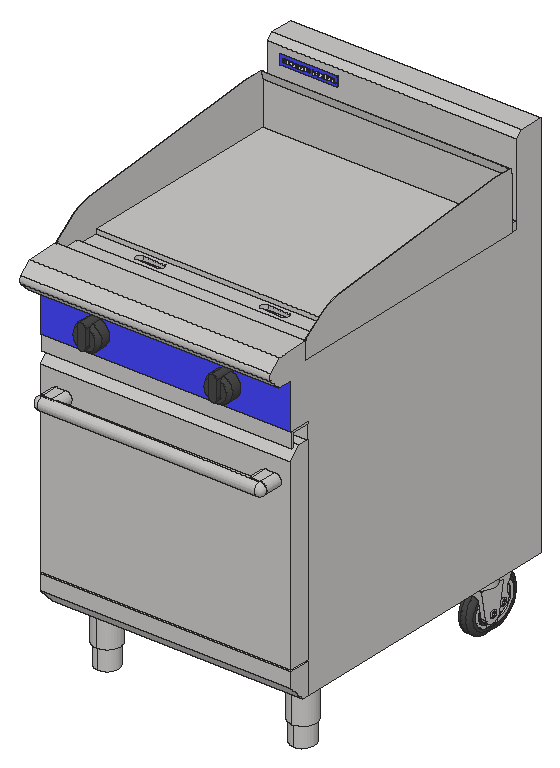
Revit family "QF_MOFFAT_BLUESEAL_CE_G504B", category Specialty Equipment, Revit 2012
Parameters
  Weight in Pounds = 346
  URL Cutsheet = "www.moffat.com"
  URL = "www.moffat.com"
  Type Mark [instance] = ""
  Status [instance] = ""
  Specification by User [instance] = ""
  Specification by Manufacturer = ""
  Show Logo [instance] = yes
  Show Clearance [instance] = yes
  Show Casters [instance] = yes
  Serial Number = ""
  Seismic Rating = ""
  SMACNA No = ""
  Revision Code [instance] = ""
  Omniclass Number and Title = ""
  NAFEM Spec ID Number = ""
  Model = "G504B"
  Mechanical Remarks [instance] = ""
  Mechanical Connection Type [instance] = ""
  Masterspec = ""
  Manufacturer = "MOFFAT BLUESEAL"
  Legs [instance] = not(Show Casters)  # no
  Item Number [instance] = ""
  Installed By [instance] = ""
  Identify Quantity as Lot [instance] = yes
  Gas Size = 3/4"
  Gas RI Height [instance] = 0 mm
  Gas KW = 17.8
  Gas Input [instance] = 60660.0 Btu/h
  Gas Connection Height = 0 mm
  Furnished By [instance] = ""
  Foodservice Equipment Identifier [instance] = yes
  Description = "600MM GAS RANGE WITH STATIC OVEN"
  CSI MasterFormat = ""
  CSI Master Format = ""
Reference planes
  plane 1 "BACK": y = 0
  plane 2: z = 0
  plane 3 "LEFT": x = 0
  plane 4 "RIGHT": x = 600
  plane 5 "FRONT": y = -812
  plane 6 "TOP": z = 970
  plane 7 "Center Y": x = 300
  plane 8 "Center X": y = -406
  plane 9: x = 65
  plane 10: x = 535
  plane 11: y = -100
  plane 12 "Base Height": z = 150
  plane 13: x = 470
  plane 14: z = 1085
Forms (mm)
  Extrusion 1, solid, material "QF_Finishes_Stainless Steel"
    sketch origin (0, 0, 0) x (0, 1, 0) y (0, 0, 1)
      loop
        line (-784.97, 850) -> (-749, 850) -> (-749, 740) -> (-699, 740) -> (-699, 150) -> (0, 150) -> (0, 1085) -> (-57.5, 1085) -> (-70, 1072.5) -> (-70, 875) -> (-705, 875) -> (-705, 915) -> (-783.97, 915) -> (-808.525, 890.445)
        arc (-808.525, 890.445) -> (-812.023, 882) -> (-808.525, 873.555) r 11.943
        line (-808.525, 873.555) -> (-784.97, 850)
    from 0 to 600
  Extrusion 2, solid, material "QF_Finishes_Stainless Steel"
    sketch origin (405.062, 3, 100) x (1, 0, 0) y (0, 1, 0)
      loop
        circle (65, -35) r 13.5
    from 555 to 640
  Revolve 3, solid, material "QF_Finishes_Stainless Steel"
    sketch origin (65, -735, 0) x (0, 1, 0) y (0, 0, 1)
      loop
        line (71.25, 150) -> (71.25, 50) -> (75.5, 50) -> (75.5, 0) -> (103, 0) -> (103, 150) -> (71.25, 150)
      axis (103, 150) -> (103, 0)
    angle from 0 to 360
  Revolve 4, solid, material "QF_Finishes_Stainless Steel"
    sketch origin (535, -735, 0) x (0, 1, 0) y (0, 0, -1)
      loop
        line (71.25, -150) -> (103, -150) -> (103, 0) -> (75.5, 0) -> (75.5, -50) -> (71.25, -50) -> (71.25, -150)
      axis (103, -150) -> (103, 0)
    angle from 0 to 360
  Revolve 5, solid, material "QF_Finishes_Black"
    sketch origin (138.75, 7, 759.75) x (0, -1, 0) y (0, 0, 1)
      loop
        line (789, 69.605) -> (766, 69.605) -> (766, 42.105) -> (756, 42.105) -> (756, 37.105) -> (800, 37.105) -> (800, 63.757) -> (789, 69.605)
      axis (800, 37.105) -> (756, 37.105)
    angle from 0 to 360
  Extrusion 6, solid, material "QF_Finishes_Black"
    sketch origin (0.319, 7, 655.753) x (1, 0, 0) y (0, 0, 1)
      loop
        line (148.431, 129) -> (148.431, 167.997)
        arc (148.431, 167.997) -> (138.431, 177.997) -> (128.431, 167.997) r 10
        line (128.431, 167.997) -> (128.431, 129)
        arc (128.431, 129) -> (138.431, 119) -> (148.431, 129) r 10
    from 759 to 808
  Revolve 7, solid, material "QF_Finishes_Black"
    sketch origin (453.749, 7, 759.623) x (0, 1, 0) y (0, 0, -1)
      loop
        line (-789, -69.5) -> (-766, -69.5) -> (-766, -42) -> (-756, -42) -> (-756, -37) -> (-800, -37) -> (-800, -63.651) -> (-789, -69.5)
      axis (-800, -37) -> (-756, -37)
    angle from 0 to 360
  Extrusion 8, solid, material "QF_Finishes_Black"
    sketch origin (592.019, 7, 759.781) x (-1, 0, 0) y (0, 0, -1)
      loop
        arc (148.269, -24.969) -> (138.269, -14.969) -> (128.269, -24.969) r 10
        line (128.269, -24.969) -> (128.269, -63.969)
        arc (128.269, -63.969) -> (138.269, -73.969) -> (148.269, -63.969) r 10
        line (148.269, -63.969) -> (148.269, -24.969)
    from 759 to 808
  Extrusion 9, solid, material "QF_Door-Drawer Clearances", visible <- "Show Clearance", detail levels coarse
    sketch origin (0, 7, 0) x (0, -1, 0) y (0, 0, 1)
      loop
        line (756, 690.016) -> (756, 227.5) -> (1218.516, 227.5)
        arc (1218.516, 227.5) -> (1083.048, 554.548) -> (756, 690.016) r 462.516
    from 0 to -600
  Extrusion 10, void
    sketch origin (0, 0, 150) x (-1, 0, 0) y (0, -1, 0)
      loop
        line (-531.028, 89.21) -> (-531.028, -28.29) -> (-401.528, -28.29) -> (-401.528, 40.71) -> (-450.028, 89.21) -> (-531.028, 89.21)
    from 72.5 to 590
  Extrusion 11, solid, material "QF_Finishes_Stainless Steel"
    sketch origin (0, -749, 227.5) x (0, 0, 1) y (-1, 0, 0)
      loop
        line (380.625, -38.246) -> (380.625, -58.528)
        arc (380.625, -58.528) -> (395.625, -73.528) -> (410.625, -58.528) r 15
        line (410.625, -58.528) -> (410.625, -38.246)
        arc (410.625, -38.246) -> (395.625, -23.246) -> (380.625, -38.246) r 15
      loop
        arc (380.625, -560.539) -> (395.625, -575.539) -> (410.625, -560.539) r 15
        line (410.625, -560.539) -> (410.625, -540.257)
        arc (410.625, -540.257) -> (395.625, -525.257) -> (380.625, -540.257) r 15
        line (380.625, -540.257) -> (380.625, -560.539)
    from 0 to 44
  Revolve 12, solid, material "QF_Finishes_Stainless Steel"
    sketch origin (0, -793, 0) x (1, 0, 0) y (0, 0, 1)
      loop
        arc (575.539, 623.125) -> (571.146, 633.732) -> (560.539, 638.125) r 15
        line (560.539, 638.125) -> (38.246, 638.125)
        arc (38.246, 638.125) -> (27.64, 633.732) -> (23.246, 623.125) r 15
        line (23.246, 623.125) -> (575.539, 623.125)
      axis (575.539, 623.125) -> (23.246, 623.125)
    angle from 0 to 360
  Extrusion 13, solid, material "QF_Finishes_Stainless Steel"
    sketch origin (0, 9, 0) x (0, 1, 0) y (0, 0, 1)
      loop
        line (-708, 227.5) -> (-708, 700) -> (-734, 700) -> (-758, 676) -> (-758, 227.5) -> (-708, 227.5)
    from 0 to 600
  Extrusion 14, solid, material "QF_Finishes_Stainless Steel"
    sketch origin (0, 9, 0) x (0, 1, 0) y (0, 0, 1)
      loop
        line (-756, 738) -> (-756, 703) -> (-752.98, 703) -> (-752.98, 735) -> (-708, 735) -> (-708, 738) -> (-756, 738)
    from 0 to 600
  Extrusion 15, solid, material "QF_Finishes_Stainless Steel"
    sketch origin (0, 9, 0) x (0, 1, 0) y (0, 0, 1)
      loop
        line (-708, 222.5) -> (-758, 222.5) -> (-758, 186) -> (-722, 150) -> (-708, 150) -> (-708, 222.5)
    from 0 to 600
  Extrusion 16, solid, material "QF_Finishes_Stainless Steel", visible <- "Show Casters"
    sketch origin (71.501, 133.353, -8.783) x (0, 1, 0) y (0, 0, 1)
      loop
        line (-201.603, 118.783) -> (-265.103, 118.783) -> (-252.746, 53.895)
        arc (-252.746, 53.895) -> (-233.353, 38.783) -> (-213.959, 53.895) r 20
        line (-213.959, 53.895) -> (-201.603, 118.783)
    from -35.667 to 22.923
  Revolve 17, solid, material "QF_Finishes_Stainless Steel", visible <- "Show Casters"
    sketch origin (65, -203, 0) x (0, 1, 0) y (0, 0, 1)
      loop
        line (67.25, 150) -> (67.25, 110) -> (103, 110) -> (103, 150) -> (67.25, 150)
      axis (103, 150) -> (103, 110)
    angle from 0 to 360
  Revolve 18, solid, material "QF_Finishes_Stainless Steel", visible <- "Show Casters"
    sketch origin (535, -203, 0) x (0, 1, 0) y (0, 0, -1)
      loop
        line (67.25, -150) -> (103, -150) -> (103, -110) -> (67.25, -110) -> (67.25, -150)
      axis (103, -150) -> (103, -110)
    angle from 0 to 360
  Revolve 19, solid, material "QF_Finishes_Stainless Steel", visible <- "Show Casters"
    sketch origin (485.776, -99.755, -13.653) x (1, 0, 0) y (0, 0, 1)
      loop
        line (14.841, 64.453) -> (83.584, 64.453) -> (83.584, 67.958) -> (82.314, 69.228) -> (80.79, 69.228) -> (80.79, 72.674) -> (68.644, 72.674) -> (68.644, 82.639) -> (65.088, 84.692) -> (63.738, 93.028) -> (65.881, 93.028) -> (65.881, 99.378) -> (65.088, 99.378) -> (65.088, 105.728)
        arc (65.088, 105.728) -> (62.298, 112.463) -> (55.563, 115.253) r 9.525
        line (55.563, 115.253) -> (42.863, 115.253)
        arc (42.863, 115.253) -> (36.127, 112.463) -> (33.338, 105.728) r 9.525
        line (33.338, 105.728) -> (33.338, 99.378) -> (32.544, 99.378) -> (32.544, 93.028) -> (34.687, 93.028) -> (33.352, 84.781) -> (29.782, 82.719) -> (29.782, 72.674) -> (17.635, 72.674) -> (17.635, 69.228) -> (16.111, 69.228) -> (14.841, 67.958) -> (14.841, 64.453)
      axis (14.841, 64.453) -> (83.584, 64.453)
    angle from 0 to 360
  Extrusion 20, solid, material "QF_Finishes_Stainless Steel", visible <- "Show Casters"
    sketch origin (541.501, 133.353, -8.783) x (0, 1, 0) y (0, 0, 1)
      loop
        line (-201.603, 118.783) -> (-265.103, 118.783) -> (-252.746, 53.895)
        arc (-252.746, 53.895) -> (-233.353, 38.783) -> (-213.959, 53.895) r 20
        line (-213.959, 53.895) -> (-201.603, 118.783)
    from -35.667 to 22.923
  Revolve 21, solid, material "QF_Finishes_Stainless Steel", visible <- "Legs"
    sketch origin (65, -165, 0) x (0, 1, 0) y (0, 0, 1)
      loop
        line (33.25, 150) -> (33.25, 50) -> (37.5, 50) -> (37.5, 0) -> (65, 0) -> (65, 150) -> (33.25, 150)
      axis (65, 150) -> (65, 0)
    angle from 0 to 360
  Revolve 22, solid, material "QF_Finishes_Stainless Steel", visible <- "Legs"
    sketch origin (535, -165, 0) x (0, 1, 0) y (0, 0, -1)
      loop
        line (33.25, -150) -> (65, -150) -> (65, 0) -> (37.5, 0) -> (37.5, -50) -> (33.25, -50) -> (33.25, -150)
      axis (65, -150) -> (65, 0)
    angle from 0 to 360
  Revolve 23, solid, material "QF_Finishes_Stainless Steel", visible <- "Show Casters"
    sketch origin (114.224, -99.755, -13.653) x (-1, 0, 0) y (0, 0, -1)
      loop
        line (14.841, -64.453) -> (14.841, -67.958) -> (16.111, -69.228) -> (17.635, -69.228) -> (17.635, -72.674) -> (29.782, -72.674) -> (29.782, -82.719) -> (33.352, -84.781) -> (34.687, -93.028) -> (32.544, -93.028) -> (32.544, -99.378) -> (33.338, -99.378) -> (33.338, -105.728)
        arc (33.338, -105.728) -> (36.127, -112.463) -> (42.863, -115.253) r 9.525
        line (42.863, -115.253) -> (55.563, -115.253)
        arc (55.563, -115.253) -> (62.298, -112.463) -> (65.088, -105.728) r 9.525
        line (65.088, -105.728) -> (65.088, -99.378) -> (65.881, -99.378) -> (65.881, -93.028) -> (63.738, -93.028) -> (65.088, -84.692) -> (68.644, -82.639) -> (68.644, -72.674) -> (80.79, -72.674) -> (80.79, -69.228) -> (82.314, -69.228) -> (83.584, -67.958) -> (83.584, -64.453) -> (14.841, -64.453)
      axis (14.841, -64.453) -> (83.584, -64.453)
    angle from 0 to 360
Cuts and joins
  Extrusion 10 cuts Extrusion 1
Lines and regions (mm)
  Split face 1
    outline origin (600, 0, 1085) x (-1, 0, 0) y (0, -1, 0)
      loop
        arc (335.206, 45.385) -> (326.545, 40.385) -> (326.545, 30.385) r 10
        line (326.545, 30.385) -> (330.587, 23.385)
        arc (330.587, 23.385) -> (334.247, 19.725) -> (339.247, 18.385) r 10
        line (339.247, 18.385) -> (567.206, 18.385)
        arc (567.206, 18.385) -> (575.866, 23.385) -> (575.866, 33.385) r 10
        line (575.866, 33.385) -> (571.824, 40.385)
        arc (571.824, 40.385) -> (568.164, 44.045) -> (563.164, 45.385) r 10
        line (563.164, 45.385) -> (335.206, 45.385)
  Split face 2
    outline origin (600, 0, 1085) x (-1, 0, 0) y (0, -1, 0)
      loop
        arc (35.206, 45.385) -> (26.545, 40.385) -> (26.545, 30.385) r 10
        line (26.545, 30.385) -> (30.587, 23.385)
        arc (30.587, 23.385) -> (34.247, 19.725) -> (39.247, 18.385) r 10
        line (39.247, 18.385) -> (267.206, 18.385)
        arc (267.206, 18.385) -> (275.866, 23.385) -> (275.866, 33.385) r 10
        line (275.866, 33.385) -> (271.824, 40.385)
        arc (271.824, 40.385) -> (268.164, 44.045) -> (263.164, 45.385) r 10
        line (263.164, 45.385) -> (35.206, 45.385)
  symbolic lines
    curve 1: line (0, 0, 0) -> (0, -812, 0)
    curve 2: line (600, 0, 0) -> (0, 0, 0)
    curve 3: line (600, -812, 0) -> (600, 0, 0)
    curve 4: line (0, -812, 0) -> (600, -812, 0)
    curve 5: line (600, -705, 0) -> (0, -705, 0)
    curve 6: line (0, -70, 0) -> (600, -70, 0)
    curve 7: line (0, 0, 0) -> (0, -812, 0)
    curve 8: line (600, 0, 0) -> (0, 0, 0)
    curve 9: line (600, -812, 0) -> (600, 0, 0)
    curve 13: line (32.794, -18.385, 150) -> (260.753, -18.385, 150)
    curve 14: arc (260.753, -18.385, 150) -> (265.753, -19.725, 150) -> (269.413, -23.385, 150) r 10
    curve 15: line (269.413, -23.385, 150) -> (273.455, -30.385, 150)
    curve 16: arc (273.455, -30.385, 150) -> (273.455, -40.385, 150) -> (264.794, -45.385, 150) r 10
    curve 17: line (264.794, -45.385, 150) -> (36.836, -45.385, 150)
    curve 18: arc (36.836, -45.385, 150) -> (31.836, -44.045, 150) -> (28.176, -40.385, 150) r 10
    curve 19: line (28.176, -40.385, 150) -> (24.134, -33.385, 150)
    curve 20: arc (24.134, -33.385, 150) -> (24.134, -23.385, 150) -> (32.794, -18.385, 150) r 10
    curve 21: line (560.753, -18.385, 150) -> (332.794, -18.385, 150)
    curve 22: arc (332.794, -18.385, 150) -> (324.134, -23.385, 150) -> (324.134, -33.385, 150) r 10
    curve 23: line (324.134, -33.385, 150) -> (328.176, -40.385, 150)
    curve 24: arc (328.176, -40.385, 150) -> (331.836, -44.045, 150) -> (336.836, -45.385, 150) r 10
    curve 25: line (336.836, -45.385, 150) -> (564.794, -45.385, 150)
    curve 26: arc (564.794, -45.385, 150) -> (573.455, -40.385, 150) -> (573.455, -30.385, 150) r 10
    curve 27: line (573.455, -30.385, 150) -> (569.413, -23.385, 150)
    curve 28: arc (569.413, -23.385, 150) -> (565.753, -19.725, 150) -> (560.753, -18.385, 150) r 10
    curve 29: line (0, -57.5, 150) -> (600, -57.5, 150)
    curve 30: line (0, -783.97, 150) -> (600, -783.97, 150)
  symbolic lines, style "QF_Door-Drawer Clearances", visible <- "Show Clearance"
    curve 10: line (0, -812, 0) -> (0, -1211.516, 0)
    curve 11: line (0, -1211.516, 0) -> (600, -1211.516, 0)
    curve 12: line (600, -1211.516, 0) -> (600, -812, 0)
Dimensions and locks
  equal spacing: plane 3 "LEFT", plane 7 "Center Y", plane 4 "RIGHT"
  plane 3 "LEFT" to plane 4 "RIGHT" = 600 mm
  equal spacing: plane 5 "FRONT", plane 8 "Center X", plane 1 "BACK"
  plane 5 "FRONT" to plane 1 "BACK" = 812 mm  (x2)
  equal spacing: plane 4 "RIGHT", plane 7 "Center Y", plane 3 "LEFT"
  plane 4 "RIGHT" to plane 3 "LEFT" = 600 mm
  plane 6 "TOP" to level = 970 mm  (x2)
  Extrusion 2 to level = 655 mm
  Extrusion 2 to plane 1 "BACK" = 32 mm
  Extrusion 1 to level = 915 mm
  plane 12 "Base Height" to level = 150 mm
  plane 6 "TOP" to plane 2 = 970 mm
  locked: plane 2 to Extrusion 1 sketch curve at 875
  locked: plane 2 to Extrusion 1 sketch curve at 915
  Revolve 19 sketch curve to Revolve 19 sketch curve = 50.8 mm
  Revolve 23 sketch curve to Revolve 23 sketch curve = 50.8 mm
  plane 14 to level = 1085 mm
  aligned and locked: level to plane 2
  aligned and locked: curve 3 to plane 4 "RIGHT"
Automatic sketch dimensions
  plane 13 to Extrusion 2 sketch curve = 0.062 mm
  plane 1 "BACK" to Extrusion 2 sketch curve = 32 mm
  Revolve 3 sketch curve to plane 12 "Base Height" = 0 mm
  Revolve 3 sketch curve to level = 0 mm
  level to Revolve 3 sketch curve = 50 mm
  Revolve 3 sketch curve to plane 5 "FRONT" = 148.25 mm
  Revolve 3 sketch curve to Revolve 3 sketch curve = 4.25 mm
  Revolve 3 sketch curve to Revolve 3 sketch curve = 27.5 mm  (x2)
  Revolve 3 sketch curve to Revolve 3 sketch curve = 55 mm
  Revolve 3 sketch curve to Revolve 3 sketch curve = 0 mm
  Revolve 4 sketch curve to plane 12 "Base Height" = 0 mm
  Revolve 4 sketch curve to level = 0 mm
  level to Revolve 4 sketch curve = 50 mm
  Revolve 4 sketch curve to plane 5 "FRONT" = 148.25 mm
  Revolve 4 sketch curve to Revolve 4 sketch curve = 4.25 mm
  Revolve 4 sketch curve to Revolve 4 sketch curve = 27.5 mm  (x2)
  Revolve 4 sketch curve to Revolve 4 sketch curve = 0 mm
  Revolve 4 sketch curve to Revolve 4 sketch curve = 55 mm
  Revolve 5 sketch curve to plane 5 "FRONT" = 63 mm
  Revolve 5 sketch curve to Revolve 5 sketch curve = 10 mm
  Revolve 5 sketch curve to Revolve 5 sketch curve = 21.3 mm
  Revolve 5 sketch curve to Revolve 5 sketch curve = 23 mm
  Revolve 5 sketch curve to plane 5 "FRONT" = 19 mm
  Revolve 5 sketch curve to Revolve 5 sketch curve = 0 mm  (x2)
  Revolve 5 sketch curve to plane 6 "TOP" = 173.145 mm
  Revolve 5 sketch curve to Revolve 5 sketch curve = 5 mm
  Revolve 5 sketch curve to Revolve 5 sketch curve = 26.651 mm
  Revolve 5 sketch curve to Revolve 5 sketch curve = 5.849 mm
  Extrusion 6 sketch curve to plane 7 "Center Y" = 171.25 mm
  Extrusion 6 sketch curve to Extrusion 6 sketch curve = 10 mm
  Extrusion 6 sketch curve to plane 6 "TOP" = 185.247 mm
  Extrusion 6 sketch curve to Extrusion 6 sketch curve = 38.997 mm
  Revolve 7 sketch curve to plane 5 "FRONT" = 19 mm
  Revolve 7 sketch curve to Revolve 7 sketch curve = 0 mm  (x2)
  Revolve 7 sketch curve to Revolve 7 sketch curve = 11 mm
  Revolve 7 sketch curve to Revolve 7 sketch curve = 12.7 mm
  Revolve 7 sketch curve to Revolve 7 sketch curve = 23 mm
  Revolve 7 sketch curve to Revolve 7 sketch curve = 10 mm
  Revolve 7 sketch curve to plane 6 "TOP" = 140.877 mm
  Revolve 7 sketch curve to Revolve 7 sketch curve = 5.849 mm
  Revolve 7 sketch curve to Revolve 7 sketch curve = 27.5 mm
  Revolve 7 sketch curve to Revolve 7 sketch curve = 5 mm
  Extrusion 8 sketch curve to plane 13 = 6.25 mm
  Extrusion 8 sketch curve to Extrusion 8 sketch curve = 10 mm
  Extrusion 8 sketch curve to plane 6 "TOP" = 146.25 mm
  Extrusion 8 sketch curve to Extrusion 8 sketch curve = 39 mm
  Extrusion 9 sketch curve to plane 5 "FRONT" = 63 mm
  plane 12 "Base Height" to Extrusion 9 sketch curve = 77.5 mm
  plane 5 "FRONT" to Extrusion 9 sketch curve = 399.516 mm
  plane 10 to Extrusion 10 sketch curve = 3.972 mm
  Extrusion 10 sketch curve to plane 13 = 19.972 mm
  Extrusion 10 sketch curve to plane 13 = 68.472 mm
  Extrusion 10 sketch curve to plane 1 "BACK" = 28.29 mm
  plane 1 "BACK" to Extrusion 10 sketch curve = 40.71 mm
  plane 11 to Extrusion 10 sketch curve = 10.79 mm
  Extrusion 11 sketch curve to plane 9 = 6.472 mm
  Extrusion 11 sketch curve to plane 6 "TOP" = 361.875 mm  (x2)
  Extrusion 11 sketch curve to plane 10 = 5.257 mm
  Extrusion 11 sketch curve to Extrusion 11 sketch curve = 15 mm  (x2)
  Extrusion 11 sketch curve to Extrusion 11 sketch curve = 20.282 mm  (x2)
  Revolve 12 sketch curve to plane 3 "LEFT" = 6.961 mm
  plane 3 "LEFT" to Revolve 12 sketch curve = 23.246 mm
  Revolve 12 sketch curve to Revolve 12 sketch curve = 15 mm
  Revolve 12 sketch curve to plane 10 = 25.539 mm
  plane 4 "RIGHT" to Revolve 12 sketch curve = 11.961 mm
  Revolve 12 sketch curve to plane 6 "TOP" = 346.875 mm
  Revolve 12 sketch curve to Revolve 12 sketch curve = 0 mm
  Extrusion 14 sketch curve to plane 5 "FRONT" = 65 mm
  Extrusion 14 sketch curve to Extrusion 14 sketch curve = 3.02 mm
  Extrusion 14 sketch curve to Extrusion 14 sketch curve = 44.98 mm
  Extrusion 14 sketch curve to plane 6 "TOP" = 267 mm
  Extrusion 14 sketch curve to Extrusion 14 sketch curve = 32 mm
  Extrusion 14 sketch curve to Extrusion 14 sketch curve = 3 mm
  Extrusion 15 sketch curve to plane 12 "Base Height" = 0 mm
  Extrusion 15 sketch curve to plane 5 "FRONT" = 63 mm
  plane 12 "Base Height" to Extrusion 13 sketch curve = 77.5 mm
  Extrusion 16 sketch curve to plane 11 = 0 mm
  Extrusion 16 sketch curve to plane 11 = 19.393 mm
  Extrusion 16 sketch curve to plane 11 = 31.75 mm
  plane 11 to Extrusion 16 sketch curve = 19.393 mm
  plane 11 to Extrusion 16 sketch curve = 31.75 mm
  level to Extrusion 16 sketch curve = 45.111 mm
  Extrusion 16 sketch curve to Extrusion 16 sketch curve = 4.889 mm
  Extrusion 16 sketch curve to plane 12 "Base Height" = 40 mm
  Revolve 17 sketch curve to plane 12 "Base Height" = 0 mm
  Revolve 17 sketch curve to plane 11 = 0 mm  (x2)
  Revolve 17 sketch curve to Revolve 17 sketch curve = 35.75 mm
  Revolve 17 sketch curve to plane 12 "Base Height" = 40 mm
  level to Revolve 17 sketch curve = 50 mm
  Revolve 17 sketch curve to level = 55 mm
  Revolve 18 sketch curve to plane 12 "Base Height" = 0 mm
  Revolve 18 sketch curve to plane 11 = 0 mm  (x2)
  Revolve 18 sketch curve to plane 11 = 35.75 mm
  Revolve 18 sketch curve to plane 12 "Base Height" = 40 mm
  level to Revolve 18 sketch curve = 50 mm
  Revolve 18 sketch curve to level = 55 mm
  level to Revolve 19 sketch curve = 50.8 mm
  plane 4 "RIGHT" to Revolve 19 sketch curve = 99.382 mm
  Revolve 19 sketch curve to Revolve 19 sketch curve = 1.27 mm  (x4)
  Revolve 19 sketch curve to Revolve 19 sketch curve = 1.524 mm  (x2)
  Revolve 19 sketch curve to Revolve 19 sketch curve = 12.146 mm  (x2)
  Revolve 19 sketch curve to Revolve 19 sketch curve = 2.762 mm
  Revolve 19 sketch curve to Revolve 19 sketch curve = 0.794 mm  (x2)
  level to Revolve 19 sketch curve = 71.128 mm
  Revolve 19 sketch curve to Revolve 19 sketch curve = 3.57 mm
  Revolve 19 sketch curve to plane 12 "Base Height" = 70.625 mm  (x2)
  Revolve 19 sketch curve to Revolve 19 sketch curve = 2.143 mm
  Revolve 19 sketch curve to Revolve 19 sketch curve = 9.525 mm
  Revolve 19 sketch curve to Revolve 19 sketch curve = 24.572 mm
  Revolve 19 sketch curve to Revolve 19 sketch curve = 12.7 mm
  Revolve 19 sketch curve to Revolve 19 sketch curve = 8.176 mm
  Revolve 19 sketch curve to Revolve 19 sketch curve = 1.349 mm  (x2)
  level to Revolve 19 sketch curve = 71.039 mm
  Revolve 19 sketch curve to Revolve 19 sketch curve = 3.556 mm
  level to Revolve 19 sketch curve = 55.575 mm
  Revolve 19 sketch curve to Revolve 19 sketch curve = 33.32 mm
  Revolve 19 sketch curve to Revolve 19 sketch curve = 20.239 mm
  Revolve 19 sketch curve to Revolve 19 sketch curve = 3.505 mm
  Revolve 19 sketch curve to Revolve 19 sketch curve = 3.447 mm  (x2)
  Revolve 19 sketch curve to Revolve 19 sketch curve = 2.053 mm
  Revolve 19 sketch curve to Revolve 19 sketch curve = 2.061 mm
  Revolve 19 sketch curve to Revolve 19 sketch curve = 6.35 mm  (x2)
  Extrusion 20 sketch curve to plane 11 = 0 mm
  Extrusion 20 sketch curve to plane 11 = 19.393 mm
  Extrusion 20 sketch curve to plane 11 = 31.75 mm
  plane 11 to Extrusion 20 sketch curve = 19.393 mm
  plane 11 to Extrusion 20 sketch curve = 31.75 mm
  level to Extrusion 20 sketch curve = 45.111 mm
  Extrusion 20 sketch curve to Extrusion 20 sketch curve = 4.889 mm
  Extrusion 20 sketch curve to plane 12 "Base Height" = 40 mm
  Revolve 21 sketch curve to plane 12 "Base Height" = 0 mm
  Revolve 21 sketch curve to level = 0 mm
  Revolve 21 sketch curve to plane 11 = 0 mm  (x2)
  Revolve 21 sketch curve to Revolve 21 sketch curve = 27.5 mm
  Revolve 21 sketch curve to Revolve 21 sketch curve = 31.75 mm
  Revolve 21 sketch curve to level = 55 mm
  Revolve 21 sketch curve to Revolve 21 sketch curve = 50 mm
  Revolve 21 sketch curve to Revolve 21 sketch curve = 0 mm
  Revolve 22 sketch curve to plane 12 "Base Height" = 0 mm
  Revolve 22 sketch curve to level = 0 mm
  Revolve 22 sketch curve to plane 11 = 0 mm  (x2)
  Revolve 22 sketch curve to Revolve 22 sketch curve = 27.5 mm
  Revolve 22 sketch curve to Revolve 22 sketch curve = 31.75 mm
  level to Revolve 22 sketch curve = 50 mm
  Revolve 22 sketch curve to Revolve 22 sketch curve = 0 mm
  Revolve 22 sketch curve to Revolve 22 sketch curve = 55 mm
  plane 9 to Revolve 23 sketch curve = 34.382 mm
  Revolve 23 sketch curve to Revolve 23 sketch curve = 1.27 mm  (x4)
  Revolve 23 sketch curve to Revolve 23 sketch curve = 1.524 mm  (x2)
  Revolve 23 sketch curve to Revolve 23 sketch curve = 12.146 mm  (x2)
  plane 9 to Revolve 23 sketch curve = 16.68 mm
  Revolve 23 sketch curve to Revolve 23 sketch curve = 0.794 mm  (x2)
  Revolve 23 sketch curve to Revolve 23 sketch curve = 3.57 mm
  Revolve 23 sketch curve to Revolve 23 sketch curve = 2.143 mm
  plane 9 to Revolve 23 sketch curve = 6.361 mm
  Revolve 23 sketch curve to plane 9 = 5.13 mm
  Revolve 23 sketch curve to plane 9 = 6.339 mm
  Revolve 23 sketch curve to plane 9 = 14.515 mm
  Revolve 23 sketch curve to Revolve 23 sketch curve = 1.349 mm  (x2)
  Revolve 23 sketch curve to Revolve 23 sketch curve = 3.556 mm
  Revolve 23 sketch curve to plane 3 "LEFT" = 2.68 mm
  Revolve 23 sketch curve to plane 12 "Base Height" = 48.4 mm
  Revolve 23 sketch curve to Revolve 23 sketch curve = 6.35 mm  (x4)
  Revolve 23 sketch curve to Revolve 23 sketch curve = 8.247 mm
  Revolve 23 sketch curve to Revolve 23 sketch curve = 8.336 mm
  Revolve 23 sketch curve to Revolve 23 sketch curve = 2.061 mm
  Revolve 23 sketch curve to Revolve 23 sketch curve = 2.053 mm
  Revolve 23 sketch curve to Revolve 23 sketch curve = 10.045 mm
  Revolve 23 sketch curve to Revolve 23 sketch curve = 9.964 mm
  Revolve 23 sketch curve to Revolve 23 sketch curve = 3.447 mm  (x2)
  Revolve 23 sketch curve to Revolve 23 sketch curve = 3.505 mm
  Extrusion 1 sketch curve to plane 5 "FRONT" = 27.03 mm
  Extrusion 1 sketch curve to plane 12 "Base Height" = 0 mm
  Extrusion 1 sketch curve to plane 14 = 0 mm
  Extrusion 1 sketch curve to plane 1 "BACK" = 0 mm
  Extrusion 1 sketch curve to plane 5 "FRONT" = 3.475 mm  (x2)
  Extrusion 1 sketch curve to plane 5 "FRONT" = 11.921 mm
  Extrusion 1 sketch curve to plane 5 "FRONT" = 28.03 mm
  Extrusion 1 sketch curve to plane 5 "FRONT" = 63 mm
  Extrusion 1 sketch curve to Extrusion 1 sketch curve = 44 mm
  Extrusion 1 sketch curve to plane 5 "FRONT" = 113 mm
  plane 11 to Extrusion 1 sketch curve = 30 mm
  Extrusion 1 sketch curve to Extrusion 1 sketch curve = 12.5 mm
  Extrusion 1 sketch curve to Extrusion 1 sketch curve = 135 mm
  Extrusion 1 sketch curve to Extrusion 1 sketch curve = 25 mm
  Extrusion 1 sketch curve to Extrusion 1 sketch curve = 23.555 mm
  Extrusion 1 sketch curve to Extrusion 1 sketch curve = 8.445 mm
  Extrusion 1 sketch curve to plane 14 = 12.5 mm
  Extrusion 15 sketch curve to Extrusion 15 sketch curve = 36 mm
  Extrusion 15 sketch curve to Extrusion 15 sketch curve = 50 mm
  plane 12 "Base Height" to Extrusion 15 sketch curve = 36 mm
  Extrusion 15 sketch curve to Extrusion 15 sketch curve = 36.5 mm
  Extrusion 13 sketch curve to plane 5 "FRONT" = 63 mm
  Extrusion 13 sketch curve to Extrusion 13 sketch curve = 24 mm  (x2)
  Extrusion 13 sketch curve to Extrusion 13 sketch curve = 26 mm
  Extrusion 13 sketch curve to plane 6 "TOP" = 294 mm
  Split face 1 sketch curve to cut or joined group of Extrusion 1, Extrusion 10 = 27.115 mm
  Split face 1 sketch curve to cut or joined group of Extrusion 1, Extrusion 10 = 326.545 mm
  Split face 1 sketch curve to cut or joined group of Extrusion 1, Extrusion 10 = 23.385 mm
  Split face 1 sketch curve to Split face 1 sketch curve = 4.041 mm  (x4)
  Split face 1 sketch curve to Split face 1 sketch curve = 8.66 mm  (x2)
  Split face 1 sketch curve to cut or joined group of Extrusion 1, Extrusion 10 = 22.115 mm
  Split face 1 sketch curve to Split face 1 sketch curve = 223.917 mm
  Split face 1 sketch curve to cut or joined group of Extrusion 1, Extrusion 10 = 17.115 mm
  Split face 1 sketch curve to Split face 1 sketch curve = 17 mm
  Split face 1 sketch curve to Split face 1 sketch curve = 7 mm
  Split face 2 sketch curve to cut or joined group of Extrusion 1, Extrusion 10 = 27.115 mm
  Split face 2 sketch curve to cut or joined group of Extrusion 1, Extrusion 10 = 26.545 mm
  Split face 2 sketch curve to cut or joined group of Extrusion 1, Extrusion 10 = 23.385 mm
  Split face 2 sketch curve to Split face 2 sketch curve = 4.041 mm  (x4)
  Split face 2 sketch curve to Split face 2 sketch curve = 8.66 mm  (x2)
  Split face 2 sketch curve to cut or joined group of Extrusion 1, Extrusion 10 = 22.115 mm
  Split face 2 sketch curve to Split face 2 sketch curve = 223.917 mm
  Split face 2 sketch curve to cut or joined group of Extrusion 1, Extrusion 10 = 17.115 mm
  Split face 2 sketch curve to Split face 2 sketch curve = 17 mm
  Split face 2 sketch curve to Split face 2 sketch curve = 7 mm
  curve 15 to plane 7 "Center Y" = 26.545 mm
  curve 15 to curve 15 = 4.041 mm
  curve 15 to curve 16 = 8.66 mm
  curve 16 to curve 14 = 4.041 mm
  curve 17 to plane 9 = 28.164 mm
  curve 18 to curve 13 = 4.041 mm
  curve 17 to curve 18 = 8.66 mm
  curve 19 to curve 20 = 4.041 mm
  plane 1 "BACK" to curve 17 = 45.385 mm
  curve 19 to curve 17 = 5 mm
  curve 16 to curve 17 = 10 mm
  curve 20 to curve 19 = 7 mm
  curve 20 to curve 18 = 7 mm
  curve 14 to curve 16 = 7 mm
  curve 21 to plane 10 = 25.753 mm
  curve 25 to curve 28 = 4.041 mm
  curve 28 to curve 28 = 8.66 mm
  curve 26 to curve 28 = 4.041 mm
  plane 7 "Center Y" to curve 25 = 36.836 mm
  curve 24 to curve 21 = 4.041 mm
  curve 25 to curve 24 = 8.66 mm
  curve 23 to curve 23 = 4.041 mm
  plane 1 "BACK" to curve 28 = 18.385 mm
  curve 28 to curve 28 = 5 mm
  curve 21 to curve 22 = 10 mm
  curve 28 to curve 27 = 7 mm
  curve 28 to curve 26 = 7 mm
  curve 22 to curve 24 = 7 mm
  plane 1 "BACK" to curve 1 = 0 mm
  curve 1 to plane 3 "LEFT" = 0 mm
  plane 5 "FRONT" to curve 10 = 0 mm
  curve 11 to curve 3 = 399.516 mm
  plane 11 to curve 6 = 30 mm
  curve 5 to plane 5 "FRONT" = 107 mm
  radius of Extrusion 2 sketch curve = 13.5 mm
Nested families
  nested 1: "RNL8400G-CB-CASTERS" at (65, -100, 0), Show Casters <- "Show Casters", visible <- "Show Casters", type "RNL8400G-CB-CASTERS"
    with Type Mark "", Status "", Specification by User "", Show Casters yes, Revision Code "", Item Number "", Installed By "", Identify Quantity as Lot yes, Furnished By "", Foodservice Equipment Identifier yes
  nested 2: "RNL8400G-CB-CASTERS" at (535, -100, 0), Show Casters <- "Show Casters", visible <- "Show Casters", type "RNL8400G-CB-CASTERS"
    with Type Mark "", Status "", Specification by User "", Show Casters yes, Revision Code "", Item Number "", Installed By "", Identify Quantity as Lot yes, Furnished By "", Foodservice Equipment Identifier yes
  nested 3: "WALDORF LOGO_FACE BASE" at (32, -70, 1055.359) x (1, 0, 0) z (0, -1, 0), visible <- "Show Logo", type "WALDORF LOGO_FACE BASE", detail levels medium+fine
    with Show Logo yes
  nested 4: "GAS GRIDDLE PLATE 600" at (0, -85, 874.5), type "GAS GRIDDLE PLATE 600"
    with Width 600 mm, Type Mark "", Status "", Specification by User "", Revision Code "", Item Number "", Installed By "", Identify Quantity as Lot yes, Furnished By "", Foodservice Equipment Identifier yes, Depth 620 mm
Connectors
  piping at (470.063, -32, 655)
    settings: on Extrusion 2, index 1, connector radius 0.37402", flow factor 0, pipe flow 0 GPM, pressure drop 0.00 psi, fitting loss kfactor 0, connector angle 0.00°, fixture units 0, engagement length 0 mm, flow configuration 1, flow direction 1, fitting loss method 0, system type 7, joint type 0, gender type 0, connector reference index -1, connector utility 0, adjustable connector no, is connector primary yes, fitting loss table "", connector description "GAS CONNECTION"
Definition of nested family "RNL8400G-CB-CASTERS"
  Parameters (values of type "BTL8450-CB-CASTERS")
    Weight = ""
    URL Manufacturer = ""
    URL Cutsheet = ""
    URL = ""
    Type Mark [instance] = ""
    Status [instance] = ""
    Specification by User [instance] = ""
    Specification by Manufacturer = ""
    Show Casters [instance] = no
    Serial Number = ""
    Seismic Rating = ""
    SMACNA No = ""
    Revision Code [instance] = ""
    Omniclass Number and Title = ""
    NAFEM Spec ID Number = ""
    Model = ""
    MasterSpec. = ""
    Manufacturer = ""
    Item Number [instance] = ""
    Installed By [instance] = ""
    Identify Quantity as Lot [instance] = yes
    Furnished By [instance] = ""
    Foodservice Equipment Identifier [instance] = yes
    Description = ""
    CSI MasterFormat = ""
    CSI Master Format = ""
    Assembly Code = ""
  Reference planes
    plane 1: z = 0
    plane 2 "RIGHT": x = 0
    plane 3 "FRONT": y = 0
    plane 4 "TOP": z = 177.8
  Forms (mm)
    Revolve 1, solid, material "QF_Finishes_Stainless Steel", visible <- "Show Casters"
      sketch origin (0, 56.335, 0) x (0, 1, 0) y (0, 0, 1)
        loop
          line (-56.335, 152.4) -> (-56.335, 141.118) -> (-23.798, 141.118) -> (-23.798, 152.4) -> (-56.335, 152.4)
        axis (-56.335, 141.118) -> (-56.335, 152.4)
      angle from 0 to 360
    Extrusion 2, solid, material "QF_Finishes_Stainless Steel", visible <- "Show Casters"
      sketch origin (-46.049, 56.335, 0) x (0, 1, 0) y (0, 0, 1)
        loop
          line (-85.799, 141.118) -> (-85.799, 133.498) -> (-82.136, 133.498)
          arc (-82.136, 133.498) -> (-79.344, 132.328) -> (-77.146, 130.248) r 8.432
          line (-77.146, 130.248) -> (-39.502, 49.52)
          arc (-39.502, 49.52) -> (-13.784, 46.107) -> (-5.673, 70.75) r 20.32
          arc (-5.673, 70.75) -> (-7.065, 73.611) -> (-8.887, 76.22) r 20.32
          arc (-8.887, 76.22) -> (-9.399, 85.377) -> (-6.626, 94.119) r 25.4
          line (-6.626, 94.119) -> (8.003, 121.632)
          arc (8.003, 121.632) -> (-2.347, 126.31) -> (-13.34, 129.167) r 66.802
          line (-13.34, 129.167) -> (-13.765, 133.498) -> (-26.871, 133.498) -> (-26.871, 141.118) -> (-85.799, 141.118)
      from 20.058 to 22.923
    Extrusion 3, solid, material "QF_Finishes_Stainless Steel", visible <- "Show Casters"
      sketch origin (3.326, 56.335, 0) x (0, 1, 0) y (0, 0, 1)
        loop
          line (-85.799, 141.118) -> (-85.799, 133.498) -> (-82.136, 133.498)
          arc (-82.136, 133.498) -> (-79.344, 132.328) -> (-77.146, 130.248) r 8.432
          line (-77.146, 130.248) -> (-39.502, 49.52)
          arc (-39.502, 49.52) -> (-13.784, 46.107) -> (-5.673, 70.75) r 20.32
          arc (-5.673, 70.75) -> (-7.065, 73.611) -> (-8.887, 76.22) r 20.32
          arc (-8.887, 76.22) -> (-9.399, 85.377) -> (-6.626, 94.119) r 25.4
          line (-6.626, 94.119) -> (8.003, 121.632)
          arc (8.003, 121.632) -> (-2.347, 126.31) -> (-13.34, 129.167) r 66.802
          line (-13.34, 129.167) -> (-13.765, 133.498) -> (-26.871, 133.498) -> (-26.871, 141.118) -> (-85.799, 141.118)
      from 20.058 to 22.923
    Extrusion 4, solid, material "QF_Finishes_Stainless Steel", visible <- "Show Casters"
      sketch origin (-49.224, 56.335, 0) x (0, 1, 0) y (0, 0, 1)
        loop
          line (-85.799, 141.118) -> (-85.799, 133.498) -> (-82.136, 133.498) -> (-18.877, 127.964) -> (7.14, 120.01) -> (8.003, 121.632)
          arc (8.003, 121.632) -> (-2.347, 126.31) -> (-13.34, 129.167) r 66.802
          line (-13.34, 129.167) -> (-13.765, 133.498) -> (-26.871, 133.498) -> (-26.871, 141.118) -> (-85.799, 141.118)
      from 26.098 to 72.56
    Revolve 5, solid, material "QF_Finishes_Stainless Steel", visible <- "Show Casters"
      sketch origin (-49.224, 30.821, 0) x (1, 0, 0) y (0, 0, 1)
        loop
          line (14.841, 63.604) -> (83.584, 63.604) -> (83.584, 67.109) -> (82.314, 68.379) -> (80.79, 68.379) -> (80.79, 71.826) -> (68.644, 71.826) -> (68.644, 81.79) -> (65.088, 83.843) -> (61.683, 104.879) -> (65.881, 104.879) -> (65.881, 111.229) -> (65.088, 111.229) -> (65.088, 117.579)
          arc (65.088, 117.579) -> (62.298, 124.314) -> (55.563, 127.104) r 9.525
          line (55.563, 127.104) -> (42.863, 127.104)
          arc (42.863, 127.104) -> (36.127, 124.314) -> (33.338, 117.579) r 9.525
          line (33.338, 117.579) -> (33.338, 111.229) -> (32.544, 111.229) -> (32.544, 104.879) -> (36.742, 104.879) -> (33.352, 83.932) -> (29.782, 81.871) -> (29.782, 71.826) -> (17.635, 71.826) -> (17.635, 68.379) -> (16.111, 68.379) -> (14.841, 67.109) -> (14.841, 63.604)
        axis (14.841, 63.604) -> (83.584, 63.604)
      angle from 0 to 360
  Cuts and joins
    joined: Extrusion 2, Extrusion 3, Extrusion 4
  Lines and regions (mm)
    symbolic lines, style "SpecialityEquipmentHiddenLines", visible <- "Show Casters"
      curve 1: line (18.009, 67.053, 0) -> (45.595, 51.127, 0)
      curve 2: line (-45.491, -42.932, 0) -> (18.009, 67.053, 0)
      curve 3: line (-17.905, -58.859, 0) -> (-45.491, -42.932, 0)
      curve 4: line (45.595, 51.127, 0) -> (-17.905, -58.859, 0)
  Dimensions and locks
    plane 4 "TOP" to level = 177.8 mm  (x2)
    Revolve 5 sketch curve to Revolve 5 sketch curve = 63.5 mm
    aligned and locked: level to plane 1
Definition of nested family "WALDORF LOGO_FACE BASE"
  Parameters (values of type "WALDORF LOGO_FACE BASE")
    Show Logo [instance] = yes
    Default Elevation = 1219.2 mm
  Reference planes
    plane 1 "Center (Front/Back)": y = 0
    plane 2: z = 0
    plane 3 "Center (Left/Right)": x = 0
  Forms (mm)
    Extrusion 1, solid
      sketch origin (0, 0, 0) x (1, 0, 0) y (0, 1, 0)
        loop
          line (-1219.2, 1219.2) -> (-1219.2, -1219.2) -> (1219.2, -1219.2) -> (1219.2, 1219.2) -> (-1219.2, 1219.2)
      from 0 to -304.8
    Extrusion 2, solid, material "QF_Finishes_Blue", visible <- "Show Logo"
      sketch origin (0, -33.217, 0) x (1, 0, 0) y (0, 1, 0)
        loop
          arc (138, 31.942) -> (137.626, 32.844) -> (136.724, 33.217) r 1.276
          line (136.724, 33.217) -> (1.29, 33.217)
          arc (1.29, 33.217) -> (0.378, 32.839) -> (0, 31.927) r 1.29
          line (0, 31.927) -> (0, 11.507)
          arc (0, 11.507) -> (0.378, 10.595) -> (1.29, 10.217) r 1.29
          line (1.29, 10.217) -> (136.71, 10.217)
          arc (136.71, 10.217) -> (137.622, 10.595) -> (138, 11.507) r 1.29
          line (138, 11.507) -> (138, 31.942)
      from 0 to 1.588
    Extrusion 3, solid, material "QF_Finishes_White", visible <- "Show Logo"
      sketch origin (0, -33.217, 1.588) x (1, 0, 0) y (0, 1, 0)
        loop
          arc (108.946, 25.919) -> (107.613, 25.367) -> (107.061, 24.034) r 1.885
          line (107.061, 24.034) -> (107.061, 17.211) -> (112.704, 17.211) -> (112.704, 19.129) -> (115.546, 19.129) -> (115.546, 17.211) -> (121.584, 17.211) -> (121.584, 24.075)
          arc (121.584, 24.075) -> (121.043, 25.379) -> (119.739, 25.919) r 1.845
          line (119.739, 25.919) -> (108.946, 25.919)
        loop
          line (123.478, 25.919) -> (123.478, 17.163) -> (134.904, 17.163) -> (134.904, 19.129) -> (129.246, 19.129) -> (129.246, 25.919) -> (123.478, 25.919)
        loop
          line (112.704, 21.258) -> (115.546, 21.258) -> (115.546, 22.702)
          arc (115.546, 22.702) -> (115.344, 23.188) -> (114.858, 23.389) r 0.687
          line (114.858, 23.389) -> (113.363, 23.389)
          arc (113.363, 23.389) -> (112.897, 23.196) -> (112.704, 22.73) r 0.658
          line (112.704, 22.73) -> (112.704, 21.258)
        loop
          line (105.071, 25.919) -> (93.771, 25.919) -> (93.771, 17.163) -> (105.071, 17.163) -> (105.071, 19.063) -> (99.535, 19.063) -> (99.535, 20.437) -> (105.071, 20.437) -> (105.071, 22.278) -> (99.535, 22.278) -> (99.535, 23.587) -> (105.071, 23.587) -> (105.071, 25.919)
        loop
          line (91.104, 25.919) -> (79.541, 25.919)
          arc (79.541, 25.919) -> (78.558, 25.513) -> (78.152, 24.53) r 1.389
          line (78.152, 24.53) -> (78.152, 22.08)
          arc (78.152, 22.08) -> (78.558, 21.098) -> (79.541, 20.691) r 1.389
          line (79.541, 20.691) -> (86.346, 20.691) -> (86.346, 18.864) -> (83.266, 18.864) -> (83.266, 19.664) -> (78.152, 19.664) -> (78.152, 18.553)
          arc (78.152, 18.553) -> (78.558, 17.57) -> (79.541, 17.163) r 1.389
          line (79.541, 17.163) -> (91.063, 17.163)
          arc (91.063, 17.163) -> (92.045, 17.57) -> (92.452, 18.553) r 1.389
          line (92.452, 18.553) -> (92.452, 20.691)
          arc (92.452, 20.691) -> (92.045, 21.673) -> (91.063, 22.08) r 1.389
          line (91.063, 22.08) -> (83.266, 22.08) -> (83.266, 23.984) -> (86.346, 23.984) -> (86.346, 22.743) -> (92.452, 22.743) -> (92.452, 24.571)
          arc (92.452, 24.571) -> (92.057, 25.524) -> (91.104, 25.919) r 1.348
        loop
          line (70.705, 25.919) -> (59.405, 25.919) -> (59.405, 17.163) -> (70.705, 17.163) -> (70.705, 19.063) -> (65.169, 19.063) -> (65.169, 20.437) -> (70.705, 20.437) -> (70.705, 22.278) -> (65.169, 22.278) -> (65.169, 23.587) -> (70.705, 23.587) -> (70.705, 25.919)
        loop
          line (57.598, 25.919) -> (51.7, 25.919) -> (51.7, 20.18)
          arc (51.7, 20.18) -> (50.63, 19.11) -> (49.56, 20.18) r 1.07
          line (49.56, 20.18) -> (49.56, 25.919) -> (43.663, 25.919) -> (43.663, 19.049)
          arc (43.663, 19.049) -> (44.215, 17.716) -> (45.548, 17.163) r 1.885
          line (45.548, 17.163) -> (55.71, 17.163)
          arc (55.71, 17.163) -> (57.045, 17.716) -> (57.598, 19.051) r 1.887
          line (57.598, 19.051) -> (57.598, 25.919)
        loop
          line (31.62, 25.919) -> (31.62, 17.163) -> (43.046, 17.163) -> (43.046, 19.129) -> (37.388, 19.129) -> (37.388, 25.919) -> (31.62, 25.919)
        loop
          line (15.969, 25.919) -> (15.969, 17.163) -> (28.693, 17.163)
          arc (28.693, 17.163) -> (29.812, 17.627) -> (30.276, 18.746) r 1.582
          line (30.276, 18.746) -> (30.276, 20.447) -> (29.48, 21.243) -> (30.276, 22.039) -> (30.276, 24.332)
          arc (30.276, 24.332) -> (29.811, 25.454) -> (28.688, 25.919) r 1.587
          line (28.688, 25.919) -> (15.969, 25.919)
        loop
          line (21.449, 24.159) -> (21.449, 22.436) -> (23.862, 22.436)
          arc (23.862, 22.436) -> (24.723, 23.298) -> (23.862, 24.159) r 0.861
          line (23.862, 24.159) -> (21.449, 24.159)
        loop
          line (21.449, 20.244) -> (21.449, 18.522) -> (23.862, 18.522)
          arc (23.862, 18.522) -> (24.723, 19.383) -> (23.862, 20.244) r 0.861
          line (23.862, 20.244) -> (21.449, 20.244)
      from 0 to 0.2
    Extrusion 4, solid, material "QF_Finishes_Blue", visible <- "Show Logo"
      sketch origin (-126.498, -31.09, 1.588) x (1, 0, 0) y (0, 1, 0)
        loop
          line (136.738, 23.522) -> (136.738, 15.1)
          arc (136.738, 15.1) -> (140.756, 19.311) -> (136.738, 23.522) r 4.216
      from 0 to 0.2
    Extrusion 5, solid, material "QF_Finishes_Red", visible <- "Show Logo"
      sketch origin (146.849, -31.09, 1.588) x (-1, 0, 0) y (0, -1, 0)
        loop
          arc (136.738, -23.522) -> (140.756, -19.311) -> (136.738, -15.1) r 4.216
          line (136.738, -15.1) -> (136.738, -23.522)
      from 0 to 0.2
  Lines and regions (mm)
    Split face 1
      outline origin (-90.35, -30.793, 1.588) x (1, 0, 0) y (0, 1, 0)
        loop
          circle (100.54, 19.013) r 4.536
  Dimensions and locks
    aligned and locked: plane 2 to Extrusion 1
    aligned and locked: level to Extrusion 1
Definition of nested family "GAS GRIDDLE PLATE 600"
  Parameters (values of type "GAS GRIDDLE PLATE 600")
    Width [instance] = 600 mm
    Weight in Pounds = 0
    URL Cutsheet = ""
    Type Mark [instance] = ""
    Status [instance] = ""
    Specification by User [instance] = ""
    Specification by Manufacturer = ""
    Serial Number = ""
    Seismic Rating = ""
    SMACNA No = ""
    Revision Code [instance] = ""
    Omniclass Number and Title = ""
    NAFEM Spec ID Number = ""
    Masterspec = ""
    Item Number [instance] = ""
    Installed By [instance] = ""
    Identify Quantity as Lot [instance] = yes
    Furnished By [instance] = ""
    Foodservice Equipment Identifier [instance] = yes
    Depth [instance] = 620 mm
    CSI MasterFormat = ""
    CSI Master Format = ""
  Reference planes
    plane 1 "BACK": y = 0
    plane 2: z = 0
    plane 3 "LEFT": x = 0
    plane 4 "RIGHT": x = 600
    plane 5 "FRONT": y = -620
    plane 6 "TOP": z = 142.5
    plane 7 "Center Y": x = 300
    plane 8 "Center X": y = -310
    plane 9: y = -530.997
    plane 10: y = -541.497
    plane 11: y = -503.25
    plane 12: y = -557.737
  Forms (mm)
    Extrusion 1, solid, material "QF_Finishes_Stainless Steel"
      sketch origin (0, 70.003, -874.5) x (0, 1, 0) y (0, 0, 1)
        loop
          line (-70, 875) -> (-70, 997.489) -> (-75.228, 1017) -> (-117.24, 1017) -> (-589.533, 971.523)
          arc (-589.533, 971.523) -> (-614.56, 965.803) -> (-637.306, 953.899) r 100
          line (-637.306, 953.899) -> (-690.003, 917) -> (-690.003, 875) -> (-70, 875)
      from 0 to 1.8
    Extrusion 2, solid, material "QF_Finishes_Stainless Steel"
      sketch origin (600, 70.003, -874.5) x (0, -1, 0) y (0, 0, 1)
        loop
          line (70, 875) -> (690.003, 875) -> (690.003, 917) -> (637.306, 953.899)
          arc (637.306, 953.899) -> (614.56, 965.803) -> (589.533, 971.523) r 100
          line (589.533, 971.523) -> (117.24, 1017) -> (75.228, 1017) -> (70, 997.489) -> (70, 875)
      from 0 to 1.2
    Extrusion 3, solid, material "QF_Finishes_Stainless Steel"
      sketch origin (150, 70.003, -874.5) x (0, 1, 0) y (0, 0, 1)
        loop
          line (-55, 895) -> (-573.253, 895) -> (-573.253, 884.5) -> (-627.74, 884.5) -> (-627.74, 895) -> (-690.003, 895) -> (-690.003, 875) -> (-55, 875) -> (-55, 895)
      from -148.2 to 448.8
    Extrusion 4, void
      sketch origin (150, -541.497, 10) x (0, -1, 0) y (1, 0, 0)
        loop
          arc (-7.497, 25.113) -> (-17.497, 35.113) -> (-27.497, 25.113) r 10
          line (-27.497, 25.113) -> (-27.497, -24.887)
          arc (-27.497, -24.887) -> (-17.497, -34.887) -> (-7.497, -24.887) r 10
          line (-7.497, -24.887) -> (-7.497, 25.113)
        loop
          line (-7.497, 274.887) -> (-7.497, 324.887)
          arc (-7.497, 324.887) -> (-17.497, 334.887) -> (-27.497, 324.887) r 10
          line (-27.497, 324.887) -> (-27.497, 274.887)
          arc (-27.497, 274.887) -> (-17.497, 264.887) -> (-7.497, 274.887) r 10
      from -41.4 to 40.142
    Extrusion 5, solid, material "QF_Finishes_Stainless Steel"
      sketch origin (0, 70.003, -874.5) x (0, 1, 0) y (0, 0, 1)
        loop
          line (-70, 875) -> (-70, 997.489) -> (-75.228, 1017) -> (-76.884, 1017) -> (-71.6, 997.278) -> (-71.6, 875) -> (-70, 875)
      from 0 to 598.8
  Cuts and joins
    Extrusion 4 cuts Extrusion 3
    joined: Extrusion 1, Extrusion 2, Extrusion 3, Extrusion 5
  Lines and regions (mm)
    symbolic lines
      curve 1: line (600, -503.25, 0) -> (0, -503.25, 0)
      curve 2: line (0, -557.737, 0) -> (600, -557.737, 0)
      curve 3: line (0, -1.68, 0) -> (600, -1.68, 0)
      curve 4: line (600, -1.68, 0) -> (600, -620, 0)
      curve 5: line (0, -620, 0) -> (0, -1.68, 0)
      curve 6: line (0, -620, 0) -> (600, -620, 0)
      curve 7: arc (175.113, -534, 0) -> (185.113, -524, 0) -> (175.113, -514, 0) r 10
      curve 8: line (175.113, -514, 0) -> (125.113, -514, 0)
      curve 9: arc (125.113, -514, 0) -> (115.113, -524, 0) -> (125.113, -534, 0) r 10
      curve 10: line (125.113, -534, 0) -> (175.113, -534, 0)
      curve 11: arc (424.887, -534, 0) -> (414.887, -524, 0) -> (424.887, -514, 0) r 10
      curve 12: line (424.887, -514, 0) -> (474.887, -514, 0)
      curve 13: arc (474.887, -514, 0) -> (484.887, -524, 0) -> (474.887, -534, 0) r 10
      curve 14: line (474.887, -534, 0) -> (424.887, -534, 0)
  Dimensions and locks
    equal spacing: plane 3 "LEFT", plane 7 "Center Y", plane 4 "RIGHT"
    "Width": plane 3 "LEFT" to plane 4 "RIGHT"
    equal spacing: plane 5 "FRONT", plane 8 "Center X", plane 1 "BACK"
    "Depth": plane 5 "FRONT" to plane 1 "BACK"
    locked: Extrusion 2 to Extrusion 2 at 1.2
    aligned and locked: level to plane 2
    aligned and locked: Extrusion 2 to plane 4 "RIGHT"
    aligned and locked: curve 1 to plane 11
    aligned and locked: plane 12 to curve 2
    aligned and locked: Extrusion 5 to cut or joined group of Extrusion 1, Extrusion 2, Extrusion 3, Extrusion 4, Extrusion 5
  Automatic sketch dimensions
    Extrusion 1 sketch curve to plane 5 "FRONT" = 0 mm
    Extrusion 1 sketch curve to plane 6 "TOP" = 0 mm
    plane 12 to Extrusion 1 sketch curve = 9.566 mm
    plane 11 to Extrusion 1 sketch curve = 16.28 mm
    Extrusion 1 sketch curve to level = 2.516 mm
    plane 11 to Extrusion 1 sketch curve = 6.695 mm
    plane 1 "BACK" to Extrusion 1 sketch curve = 47.237 mm
    plane 1 "BACK" to Extrusion 1 sketch curve = 5.225 mm
    Extrusion 1 sketch curve to plane 1 "BACK" = 0.003 mm
    level to Extrusion 1 sketch curve = 0.5 mm
    Extrusion 1 sketch curve to Extrusion 1 sketch curve = 42 mm
    Extrusion 1 sketch curve to plane 6 "TOP" = 63.101 mm
    Extrusion 1 sketch curve to plane 6 "TOP" = 19.511 mm
    Extrusion 2 sketch curve to plane 6 "TOP" = 0 mm
    Extrusion 2 sketch curve to plane 5 "FRONT" = 0 mm
    plane 12 to Extrusion 2 sketch curve = 9.566 mm
    plane 11 to Extrusion 2 sketch curve = 16.28 mm
    Extrusion 2 sketch curve to level = 2.516 mm
    plane 11 to Extrusion 2 sketch curve = 6.695 mm
    plane 1 "BACK" to Extrusion 2 sketch curve = 47.237 mm
    plane 1 "BACK" to Extrusion 2 sketch curve = 5.225 mm
    Extrusion 2 sketch curve to plane 1 "BACK" = 0.003 mm
    level to Extrusion 2 sketch curve = 0.5 mm
    Extrusion 2 sketch curve to Extrusion 2 sketch curve = 42 mm
    Extrusion 2 sketch curve to plane 6 "TOP" = 63.101 mm
    Extrusion 2 sketch curve to plane 6 "TOP" = 19.511 mm
    Extrusion 3 sketch curve to plane 5 "FRONT" = 0 mm
    Extrusion 3 sketch curve to plane 12 = 0 mm
    Extrusion 3 sketch curve to plane 11 = 0 mm
    Extrusion 3 sketch curve to plane 1 "BACK" = 15.003 mm
    level to Extrusion 3 sketch curve = 0.5 mm
    level to Extrusion 3 sketch curve = 10 mm
    Extrusion 3 sketch curve to Extrusion 3 sketch curve = 10.5 mm  (x2)
    plane 1 "BACK" to Extrusion 5 sketch curve = 5.225 mm
    Extrusion 5 sketch curve to plane 1 "BACK" = 0.003 mm
    Extrusion 5 sketch curve to plane 6 "TOP" = 19.511 mm
    Extrusion 5 sketch curve to Extrusion 5 sketch curve = 1.6 mm
    Extrusion 5 sketch curve to Extrusion 5 sketch curve = 0.211 mm
    Extrusion 5 sketch curve to plane 6 "TOP" = 0 mm
    Extrusion 5 sketch curve to Extrusion 5 sketch curve = 1.656 mm
    level to Extrusion 5 sketch curve = 0.5 mm
    plane 11 to Extrusion 4 sketch curve = 10.75 mm  (x2)
    Extrusion 4 sketch curve to Extrusion 4 sketch curve = 10 mm  (x2)
    plane 3 "LEFT" to Extrusion 4 sketch curve = 125.113 mm
    Extrusion 4 sketch curve to Extrusion 4 sketch curve = 50 mm  (x2)
    plane 7 "Center Y" to Extrusion 4 sketch curve = 124.887 mm
    curve 6 to plane 3 "LEFT" = 0 mm
    curve 3 to plane 4 "RIGHT" = 0 mm
    plane 5 "FRONT" to curve 6 = 0 mm
    plane 11 to curve 8 = 10.75 mm
    plane 3 "LEFT" to curve 8 = 125.113 mm
    curve 10 to plane 12 = 23.737 mm
    curve 9 to curve 10 = 50 mm
    curve 11 to plane 12 = 23.737 mm
    plane 7 "Center Y" to curve 11 = 124.887 mm
    plane 11 to curve 12 = 10.75 mm
    curve 12 to curve 12 = 50 mm
    plane 1 "BACK" to curve 3 = 1.68 mm
